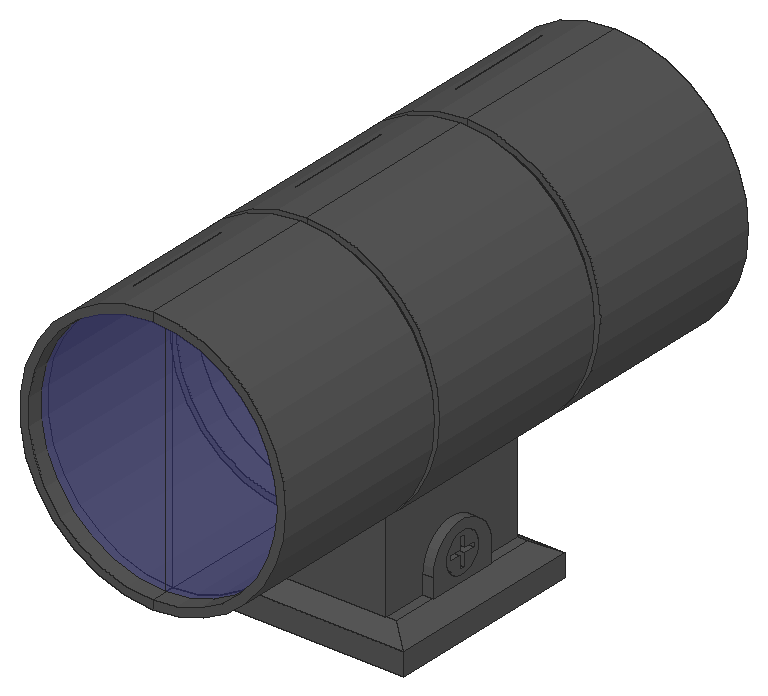
Revit family "CARLO CYLINDER LIGHT WALL MOUNT", category Lighting Fixtures, host Face, Revit 2020 (continued)
Types (10): name | Wattage_Input | Wattage Comments | Wattage | Photometric Web File | built-in parameter 1150142 | Model | built-in parameter 1150105 | Lumens | Light Length 1 | LIGHT RADIUS | LIGHT PLACEMENT | LIGHT LENGTH | LIGHT DIA | built-in parameter 1150106 | FIXED END HEIGHT | Curve base Height | Base Curve | BEAMING ANGLE | Apparent Load
    0.61 256.58 223.55 190.58 161 139.56 121.04 101.33 81.92 61.243 \r\n 44.326 37.84 35.287 31.915 29.159 26.951 25.051 23.106 21.384 20.094 \r\n 19.056 18.17 17.401 16.673 16.006 15.394 14.836 14.335 13.879 13.465 \r\n 13.072 12.672 12.29 11.946 11.632 11.344 11.087 10.872 10.682 10.51 \r\n 10.343 10.159 9.9759 9.8113 9.6415 9.4397 9.233 9.053 8.8601 8.6149 \r\n 8.3482 8.0758 7.8036 7.5507 7.2933 7.0039 6.7132 6.4494 6.1921 5.9281 \r\n 5.665 5.4067 5.152 4.9012 4.6541 4.4085 4.1716 3.9578 3.7441 3.5016 \r\n 3.2623 3.0579 2.8606 2.6437 2.4361 2.2702 2.109 1.9133 1.7208 1.5621 \r\n 1.4194 1.2895 1.1595 1.0041 0.85608 0.75037 0.65471 0.54265 0.43858 0.36407 \r\n 0.30115 0.23622 0.17768 0.13256 0.091439 0.040329 0 0 0 0 \r\n 0 0 0 0 0.010122 0.048573 0.097527 0.14163 0.19168 0.25417 \r\n 0.32664 0.40794 0.50063 0.61036 0.72668 0.8362 0.95332 1.0937 1.2406 1.3755 \r\n 1.5196 1.6965 1.8804 2.0436 2.2159 2.4309 2.6494 2.8306 3.0124 3.2234 \r\n 3.4501 3.6946 3.9384 4.1535 4.3703 4.62 4.8725 5.0982 5.3266 5.5844 \r\n 5.8513 6.1174 6.3793 6.6245 6.8709 7.1377 7.4087 7.6688 7.9344 8.2258 \r\n 8.5161 8.7771 9.0318 9.2993 9.5631 9.8136 10.049 10.254 10.455 10.676 \r\n 10.894 11.081 11.271 11.5 11.737 11.949 12.175 12.455 12.758 13.058 \r\n 13.387 13.773 14.206 14.689 15.211 15.755 16.345 17.005 17.72 18.422 \r\n 19.298 20.555 22.069 23.804 25.716 27.661 29.899 32.572 35.886 39.054 \r\n 45.185 57.496 74.875 97.825 124.71 154.25 185.88 218.8 252.42 285.79 \r\n 319.13 352.66 385.45 416.99 446.17 472.01 493.55 508.19 519.87 531.92 \r\n 543.63 555.36 567.26 579.68 592.34 605.02 617.82 630.65 643.74 657.41 \r\n 671.38 685.27 699.7 715.2 731.69 748.91 767.98 790.14 814.83 842.81 \r\n 871.37 897.85 922.87 945.98 967.73 988.57 1008.4 1027.2 1045.1 1061.8 \r\n 1077.9 1094 1109.5 1123.6 1137.2 1150.7 1164 1177 1189.4 1201.2 \r\n 1212.2 1222 1231.4 1240.9 1250.2 1259 1267.9 1277.4 1286.9 1296.1 \r\n 1304.8 1313 1320.8 1328.1 1335.1 1341.7 1347.5 1352.1 1355.8 1358.9 \r\n 1361.4 1363.2 1364.8 1366.7 1369 1372.7 1376.7 1379.9 1382.7 1385.2 \r\n 1412.7 \r\n1391.1 1405.2 1403.2 1400.1 1396.3 1392.1 1387.9 1384.1 1380.7 1378 \r\n 1375.9 1374.6 1372.8 1369.2 1364.6 1359.4 1353.5 1347.1 1340.1 1332.4 \r\n 1324 1315.1 1305.6 1295.7 1285.5 1275.2 1264.9 1254.9 1244.9 1234.4 \r\n 1223.3 1211.1 1198.5 1186.4 1174 1160.8 1146.8 1131.8 1116.3 1100.6 \r\n 1084.3 1066.8 1048.3 1028.8 1008.5 987.5 965.48 941.8 917.08 891.62 \r\n 865.7 839.02 813.63 792.02 772.62 754.8 738.31 722.74 707.9 693.48 \r\n 679.48 665.81 652.44 639.29 626.41 613.91 601.59 589.34 576.97 564.22 \r\n 551.11 538.19 523.59 505.61 484.18 458.15 429.01 397.75 364.7 330.1 \r\n 295.19 261.43 228.45 195.4 165.22 141.88 121.33 100.29 80.326 60.644 \r\n 44.954 38.609 35.885 32.383 29.487 27.206 25.259 23.284 21.539 20.219 \r\n 19.154 18.258 17.483 16.743 16.063 15.445 14.881 14.369 13.9 13.476 \r\n 13.075 12.67 12.285 11.933 11.612 11.322 11.063 10.839 10.639 10.46 \r\n 10.288 10.102 9.9194 9.7561 9.59 9.3973 9.1988 9.0162 8.823 8.5944 \r\n 8.3459 8.0801 7.8109 7.5618 7.3073 7.0196 6.7298 6.4673 6.2105 5.9437 \r\n 5.6778 5.4189 5.1651 4.9176 4.6733 4.4261 4.1864 3.9701 3.754 3.5097 \r\n 3.2692 3.0631 2.8669 2.6605 2.4607 2.2829 2.1099 1.9233 1.7413 1.5781 \r\n 1.4286 1.2984 1.1696 1.0157 0.86876 0.762 0.66509 0.55331 0.44851 0.36872 \r\n 0.30071 0.23594 0.17836 0.13105 0.088032 0.03837 0 0 0 0 \r\n 0 0 0 0.0067236 0.024325 0.063175 0.11134 0.15781 0.21019 0.27241 \r\n 0.34451 0.42791 0.52236 0.62985 0.74509 0.86167 0.98494 1.1208 1.2622 1.3989 \r\n 1.5473 1.7297 1.9182 2.0811 2.2519 2.4673 2.686 2.8655 3.0467 3.264 \r\n 3.4953 3.7318 3.9681 4.1896 4.4143 4.6631 4.9121 5.1337 5.3598 5.622 \r\n 5.8931 6.1539 6.4113 6.6637 6.9177 7.1818 7.4496 7.7144 7.9855 8.2782 \r\n 8.568 8.8268 9.0809 9.3556 9.6254 9.8705 10.099 10.308 10.513 10.733 \r\n 10.95 11.139 11.332 11.564 11.805 12.026 12.264 12.553 12.866 13.181 \r\n 13.527 13.931 14.382 14.879 15.416 15.979 16.59 17.268 18.005 18.733 \r\n 19.655 21.019 22.622 24.306 26.17 28.21 30.581 33.34 36.774 39.962 \r\n 46.58 60.972 80.218 102.78 128.86 158.71 190.74 223.54 256.91 290.21 \r\n 323.44 356.67 389.02 420.02 448.49 473.32 493.88 507.85 519.19 531.38 \r\n 543.42 555.37 567.47 580.12 592.96 605.72 618.62 631.79 645.21 658.91 \r\n 672.9 687.09 701.82 717.35 733.9 751.39 770.91 793.89 819.23 847 \r\n 875.08 901.17 925.91 949.09 970.94 991.59 1011.1 1029.7 1047.3 1064 \r\n 1080.1 1096.1 1111.4 1125.5 1139 1152.4 1165.5 1178.5 1191.1 1202.8 \r\n 1213.7 1223.4 1232.5 1241.8 1251 1260.3 1269.6 1279.3 1288.9 1297.9 \r\n 1306.4 1314.5 1322.1 1329.4 1336.2 1342.6 1348.3 1352.8 1356.4 1359.3 \r\n 1361.5 1363.3 1365 1366.9 1369.2 1372.8 1376.6 1379.8 1382.5 1384.9 \r\n 1412.7 \r\n1391.1 1404.4 1402.6 1399.7 1396.1 1392 1387.8 1383.8 1380.3 1377.5 \r\n 1375.3 1373.9 1372.2 1369 1364.8 1359.6 1353.8 1347.2 1340.2 1332.7 \r\n 1324.7 1315.9 1306.5 1296.6 1286.4 1276.1 1265.9 1256 1245.9 1235.6 \r\n 1224.7 1212.5 1200 1188 1175.7 1162.6 1148.7 1133.8 1118.4 1102.7 \r\n 1086.4 1069.1 1050.8 1031.7 1011.7 991.01 969.21 945.85 921.35 895.81 \r\n 869.77 843.2 817.86 795.87 776.01 757.88 741.13 725.4 710.4 695.64 \r\n 681.35 667.74 654.48 641.21 628.2 615.73 603.4 590.86 578.19 565.36 \r\n 552.36 539.77 525.74 508.78 488.34 462.82 433.93 402.62 369.56 335.54 \r\n 301.26 267.77 234.8 201.64 170.67 144.88 121.71 99.108 78.526 60.011 \r\n 45.75 39.542 36.592 32.935 29.878 27.509 25.507 23.498 21.728 20.37 \r\n 19.274 18.366 17.583 16.826 16.13 15.505 14.935 14.409 13.927 13.49 \r\n 13.079 12.672 12.284 11.925 11.596 11.306 11.046 10.811 10.6 10.413 \r\n 10.235 10.046 9.8631 9.7008 9.5384 9.356 9.1665 8.9799 8.7849 8.5736 \r\n 8.3445 8.0857 7.8199 7.575 7.3241 7.039 6.7512 6.4905 6.2342 5.9647 \r\n 5.6958 5.4362 5.1834 4.9404 4.6999 4.4509 4.2075 3.9882 3.7696 3.524 \r\n 3.2827 3.0745 2.879 2.684 2.4924 2.3011 2.1148 1.9384 1.7684 1.5996 \r\n 1.4418 1.3104 1.1827 1.0308 0.8855 0.77728 0.67855 0.56676 0.46094 0.37537 \r\n 0.30175 0.23674 0.17977 0.12998 0.084841 0.036488 0 0 0 0 \r\n 0 0 0.000000 0.014693 0.040231 0.079612 0.127 0.17612 0.23126 0.29382 \r\n 0.36605 0.45146 0.54757 0.65329 0.76796 0.89174 1.0211 1.1524 1.2885 1.4278 \r\n 1.5811 1.7687 1.9613 2.125 2.295 2.5093 2.727 2.9058 3.088 3.3113 \r\n 3.5466 3.7746 4.003 4.2314 4.4644 4.7121 4.9574 5.1756 5.3998 5.666 \r\n 5.9406 6.1967 6.4504 6.7107 6.9729 7.2345 7.499 7.7688 8.0455 8.3385 \r\n 8.6269 8.8838 9.1373 9.4173 9.6908 9.9281 10.148 10.359 10.567 10.786 \r\n 11.001 11.193 11.391 11.623 11.868 12.102 12.355 12.654 12.98 13.313 \r\n 13.681 14.107 14.578 15.092 15.647 16.231 16.866 17.568 18.337 19.105 \r\n 20.087 21.569 23.266 24.91 26.743 28.901 31.438 34.32 37.952 41.34 \r\n 48.644 65.276 86.499 108.66 133.93 164.12 196.61 229.29 262.42 295.65 \r\n 328.74 361.59 393.43 423.82 451.53 475.21 494.7 508.12 519.24 531.62 \r\n 544.02 556.25 568.63 581.53 594.58 607.41 620.41 633.95 647.72 661.45 \r\n 675.46 689.97 705.04 720.65 737.3 755.18 775.25 799.07 825.03 852.5 \r\n 880 905.62 930.02 953.28 975.25 995.74 1015 1033.3 1050.8 1067.5 \r\n 1083.6 1099.4 1114.5 1128.6 1142.1 1155.3 1168.3 1181.3 1193.9 1205.6 \r\n 1216.4 1225.9 1234.8 1243.9 1253.1 1262.8 1272.6 1282.6 1292.2 1301.1 \r\n 1309.4 1317.3 1324.8 1331.9 1338.5 1344.7 1350.2 1354.5 1358 1360.5 \r\n 1362.5 1364.3 1366.1 1368 1370.5 1373.9 1377.6 1380.7 1383.3 1385.6 \r\n 1412.7 \r\n1391.1 1403.7 1402 1399.4 1396.1 1392.1 1387.8 1383.7 1380 1377.1 \r\n 1374.8 1373.3 1371.6 1368.8 1365 1360.1 1354.2 1347.5 1340.4 1333.3 \r\n 1325.7 1316.9 1307.5 1297.6 1287.5 1277.3 1267.1 1257.2 1247.1 1237 \r\n 1226.3 1214.3 1201.8 1189.9 1177.7 1164.6 1150.8 1136.1 1120.8 1105.2 \r\n 1089 1071.7 1053.7 1035 1015.4 994.99 973.42 950.41 926.18 900.61 \r\n 874.48 848.02 822.68 800.25 779.85 761.37 744.36 728.45 713.28 698.16 \r\n 683.59 670.03 656.86 643.48 630.33 617.89 605.53 592.69 579.72 566.82 \r\n 553.93 541.66 528.22 512.39 493.1 468.21 439.67 408.34 375.32 341.92 \r\n 308.28 275.04 242.04 208.74 176.91 148.44 122.43 98.229 77.05 59.629 \r\n 46.712 40.586 37.369 33.542 30.316 27.849 25.783 23.738 21.943 20.546 \r\n 19.414 18.49 17.696 16.919 16.205 15.572 14.996 14.456 13.958 13.507 \r\n 13.087 12.677 12.289 11.922 11.586 11.296 11.034 10.789 10.565 10.37 \r\n 10.186 9.9942 9.81 9.6484 9.4897 9.3179 9.1375 8.9464 8.7488 8.5542 \r\n 8.3439 8.0919 7.8296 7.5894 7.3426 7.0608 6.7755 6.5166 6.2607 5.9892 \r\n 5.7179 5.4575 5.2057 4.9678 4.7315 4.4804 4.2331 4.0106 3.7894 3.5431 \r\n 3.3016 3.0913 2.896 2.7118 2.5278 2.3229 2.1235 1.9574 1.7992 1.6244 \r\n 1.4577 1.3248 1.198 1.0486 0.90524 0.79513 0.69403 0.58205 0.47519 0.38404 \r\n 0.30495 0.23932 0.18252 0.13024 0.082907 0.035227 0 0 0 0 \r\n 0 0 0 0.022973 0.056834 0.097049 0.14394 0.19593 0.25414 0.31787 \r\n 0.39096 0.47834 0.57608 0.68088 0.79572 0.92619 1.0612 1.1884 1.32 1.4624 \r\n 1.6209 1.8126 2.0087 2.1742 2.3448 2.5566 2.7719 2.9515 3.136 3.3646 \r\n 3.6028 3.8229 4.0441 4.2792 4.5202 4.7667 5.0086 5.2247 5.4481 5.7172 \r\n 5.9943 6.2468 6.4982 6.7663 7.0366 7.296 7.5576 7.8324 8.1142 8.4063 \r\n 8.6922 8.9476 9.2002 9.4827 9.7566 9.9848 10.196 10.407 10.617 10.834 \r\n 11.048 11.244 11.446 11.68 11.929 12.177 12.446 12.758 13.099 13.454 \r\n 13.846 14.294 14.788 15.321 15.895 16.502 17.164 17.895 18.702 19.528 \r\n 20.587 22.188 23.985 25.61 27.439 29.737 32.473 35.514 39.434 43.277 \r\n 51.504 70.374 93.544 115.44 140.03 170.59 203.54 236.16 269.08 302.2 \r\n 335.1 367.54 398.8 428.5 455.34 477.77 496.13 509.11 520.15 532.74 \r\n 545.48 558.04 570.73 583.88 597.13 610.04 623.15 637.05 651.17 664.94 \r\n 678.99 693.83 709.26 725.01 741.87 760.28 781.01 805.63 832.12 859.24 \r\n 886.11 911.22 935.25 958.53 980.6 1000.9 1020 1038.1 1055.3 1072 \r\n 1088.1 1103.7 1118.7 1132.7 1146.2 1159.3 1172.1 1185.1 1197.7 1209.4 \r\n 1220.1 1229.4 1238.1 1247 1256.2 1266.3 1276.7 1286.9 1296.6 1305.2 \r\n 1313.3 1321 1328.3 1335.2 1341.7 1347.6 1352.7 1356.9 1360.2 1362.4 \r\n 1364.1 1365.9 1367.8 1369.9 1372.4 1375.8 1379.3 1382.3 1384.8 1386.9 \r\n 1412.7 \r\n1391.1 1402.9 1401.5 1399.2 1396.1 1392.1 1387.8 1383.6 1379.7 1376.8 \r\n 1374.4 1372.8 1371.2 1368.7 1365.4 1360.5 1354.7 1348 1340.9 1334 \r\n 1326.7 1318.1 1308.7 1298.8 1288.6 1278.5 1268.4 1258.4 1248.4 1238.5 \r\n 1228 1216.1 1203.9 1192 1179.8 1166.8 1153 1138.5 1123.4 1107.9 \r\n 1091.7 1074.6 1056.8 1038.5 1019.3 999.15 977.81 955.15 931.21 905.69 \r\n 879.53 853.18 827.8 804.88 783.92 765.08 747.81 731.72 716.36 700.93 \r\n 686.1 672.56 659.46 645.97 632.71 620.24 607.83 594.71 581.48 568.52 \r\n 555.74 543.72 530.82 516.14 498.04 473.86 445.76 414.51 381.57 348.78 \r\n 315.74 282.68 249.59 216.16 183.52 152.43 123.69 98.105 76.427 59.781 \r\n 47.837 41.684 38.18 34.174 30.786 28.212 26.075 23.996 22.179 20.743 \r\n 19.573 18.628 17.817 17.018 16.286 15.644 15.061 14.506 13.993 13.53 \r\n 13.1 12.689 12.299 11.926 11.584 11.292 11.028 10.772 10.536 10.333 \r\n 10.143 9.9487 9.7634 9.6021 9.4467 9.2849 9.1133 8.9181 8.7179 8.5377 \r\n 8.3438 8.098 7.8392 7.6038 7.3614 7.0834 6.801 6.5433 6.2877 6.0153 \r\n 5.743 5.4819 5.2307 4.9975 4.7654 4.5123 4.2611 4.0354 3.8118 3.5659 \r\n 3.3251 3.1127 2.9169 2.7414 2.5635 2.3468 2.1361 1.979 1.8309 1.6506 \r\n 1.4754 1.3407 1.2146 1.068 0.92691 0.81445 0.71047 0.59821 0.49056 0.39474 \r\n 0.31094 0.24437 0.18725 0.13273 0.083269 0.035135 0 0 0 0 \r\n 0 0 0.00080987 0.031488 0.073124 0.11461 0.16161 0.21659 0.27811 0.34402 \r\n 0.41895 0.5083 0.60769 0.71282 0.82879 0.96478 1.1043 1.2287 1.3573 1.5034 \r\n 1.6668 1.8609 2.0589 2.2279 2.4005 2.6088 2.8206 3.0023 3.1905 3.4229 \r\n 3.6628 3.8765 4.0923 4.3333 4.5812 4.8263 5.0655 5.2818 5.5062 5.7766 \r\n 6.0547 6.3051 6.5561 6.8314 7.1087 7.3667 7.6262 7.9053 8.1913 8.4812 \r\n 8.7636 9.0176 9.269 9.55 9.8204 10.039 10.241 10.451 10.662 10.876 \r\n 11.089 11.29 11.499 11.735 11.989 12.252 12.539 12.865 13.221 13.6 \r\n 14.017 14.489 15.005 15.558 16.153 16.784 17.475 18.237 19.091 19.994 \r\n 21.146 22.863 24.762 26.399 28.264 30.722 33.687 36.922 41.236 45.864 \r\n 55.286 76.23 101.18 123.07 147.28 178.25 211.64 244.25 277.02 310 \r\n 342.63 374.63 405.27 434.17 460.02 481.09 498.29 510.96 522.06 534.82 \r\n 547.85 560.73 573.74 587.13 600.57 613.58 626.81 641.02 655.45 669.31 \r\n 683.45 698.59 714.37 730.36 747.56 766.68 788.19 813.52 840.39 867.14 \r\n 893.39 917.98 941.6 964.85 986.94 1007.1 1025.9 1043.7 1060.8 1077.5 \r\n 1093.6 1108.9 1123.7 1137.7 1151.2 1164.1 1176.7 1189.8 1202.4 1213.9 \r\n 1224.4 1233.6 1242.2 1251 1260.2 1270.7 1281.4 1291.8 1301.6 1310 \r\n 1317.8 1325.4 1332.5 1339.2 1345.3 1350.9 1355.7 1359.6 1362.6 1364.5 \r\n 1366.1 1367.9 1369.9 1372.2 1374.9 1378.1 1381.4 1384.3 1386.7 1388.6 \r\n 1412.7 \r\n1391.1 1402.1 1400.7 1398.6 1395.8 1391.8 1387.5 1383.2 1379.3 1376.4 \r\n 1374.2 1372.6 1371 1368.6 1365.2 1360.5 1354.9 1348.4 1341.4 1334.5 \r\n 1327 1318.6 1309.4 1299.6 1289.3 1279 1268.6 1258.7 1248.8 1238.9 \r\n 1228.6 1217 1205 1193.1 1180.8 1167.7 1154 1139.8 1124.9 1109.5 \r\n 1093.4 1076.5 1058.8 1040.7 1021.8 1001.7 980.58 958.11 934.41 909.2 \r\n 883.27 856.92 831.36 808.02 786.63 767.68 750.38 734.2 718.77 703.34 \r\n 688.47 674.74 661.45 647.96 634.68 622.01 609.39 596.23 583.02 570.09 \r\n 557.33 545.15 532.29 518.34 501.1 477.42 449.7 418.79 386.13 353.6 \r\n 320.68 287.41 254.04 220.6 187.79 155.71 126.11 100.99 79.698 61.896 \r\n 48.652 42.213 38.707 34.595 31.121 28.468 26.276 24.192 22.382 20.925 \r\n 19.728 18.751 17.911 17.094 16.349 15.697 15.104 14.54 14.019 13.55 \r\n 13.117 12.706 12.318 11.941 11.592 11.293 11.021 10.757 10.514 10.309 \r\n 10.12 9.9252 9.7402 9.5797 9.4262 9.2697 9.1028 8.9075 8.7068 8.5304 \r\n 8.3405 8.0945 7.836 7.6064 7.3702 7.0949 6.8129 6.552 6.2943 6.0285 \r\n 5.7633 5.5016 5.2484 5.0166 4.7855 4.5306 4.2771 4.0495 3.8257 3.5842 \r\n 3.3476 3.134 2.9354 2.7571 2.577 2.3595 2.149 1.9933 1.8458 1.6617 \r\n 1.4834 1.3499 1.226 1.0826 0.94327 0.82674 0.71846 0.60716 0.50177 0.40745 \r\n 0.32434 0.25627 0.19734 0.14256 0.093098 0.044915 0.0086891 0 0.000098 0 \r\n 0 0 0.0032814 0.037328 0.082788 0.12734 0.17738 0.23551 0.30078 0.3722 \r\n 0.45242 0.54434 0.64614 0.75637 0.8768 1.0129 1.1522 1.279 1.411 1.5615 \r\n 1.7275 1.9167 2.1111 2.2883 2.4688 2.6721 2.8785 3.066 3.2605 3.4904 \r\n 3.7269 3.9427 4.1616 4.4045 4.6533 4.8963 5.1354 5.3624 5.5962 5.8609 \r\n 6.1322 6.3879 6.6461 6.9241 7.2027 7.4615 7.7215 8.0025 8.2883 8.5714 \r\n 8.8461 9.0983 9.3456 9.611 9.8648 10.075 10.272 10.475 10.682 10.895 \r\n 11.111 11.322 11.542 11.783 12.043 12.322 12.629 12.972 13.347 13.746 \r\n 14.183 14.671 15.204 15.777 16.394 17.046 17.762 18.552 19.461 20.487 \r\n 21.777 23.592 25.593 27.366 29.401 32.117 35.303 38.328 42.863 49.317 \r\n 60.85 83.052 109.05 132.17 157.42 188.92 222.59 255.48 288.32 320.98 \r\n 353.11 384.69 414.71 442.48 466.98 486.43 502.36 515.03 526.48 539.16 \r\n 552.13 565.22 578.49 592.01 605.58 618.82 632.28 646.56 661.08 675.27 \r\n 689.75 704.95 720.88 737.4 755.43 775.92 798.64 824.21 850.94 877.52 \r\n 903.49 927.71 950.93 973.79 995.51 1015.3 1033.8 1051.4 1068.3 1084.9 \r\n 1100.8 1115.8 1130.2 1144.1 1157.5 1170.3 1182.8 1195.6 1207.9 1219 \r\n 1229.2 1238.4 1247.1 1256 1265.3 1275.6 1286.3 1296.6 1306.2 1314.3 \r\n 1321.8 1329.2 1336.2 1342.4 1348.1 1353.3 1357.8 1361.1 1363.7 1365.6 \r\n 1367.2 1369.2 1371.3 1373.7 1376.3 1379.5 1382.7 1385.3 1387.5 1389.1 \r\n 1412.7 \r\n1391.1 1401.3 1400 1398.1 1395.4 1391.5 1387.1 1382.9 1379 1376.2 \r\n 1374 1372.5 1370.8 1368.4 1365.1 1360.6 1355.1 1348.9 1342.1 1335 \r\n 1327.4 1319.1 1310.2 1300.4 1290.1 1279.5 1268.9 1259 1249.2 1239.4 \r\n 1229.1 1217.9 1206.1 1194.2 1181.7 1168.6 1155.1 1141.1 1126.5 1111.2 \r\n 1095.2 1078.4 1061 1043 1024.2 1004.4 983.36 961.08 937.61 912.79 \r\n 887.18 860.83 835.09 811.33 789.53 770.45 753.09 736.81 721.3 705.9 \r\n 691.04 677.09 663.58 650.09 636.81 623.9 611.05 597.89 584.75 571.86 \r\n 559.09 546.68 533.76 520.45 504.01 480.93 453.72 423.28 390.97 358.65 \r\n 325.76 292.21 258.53 225.12 192.25 159.51 129.4 104.96 84.097 64.758 \r\n 49.77 42.865 39.278 35.046 31.501 28.758 26.5 24.41 22.607 21.13 \r\n 19.904 18.89 18.015 17.179 16.42 15.756 15.154 14.582 14.054 13.579 \r\n 13.142 12.733 12.345 11.964 11.61 11.302 11.021 10.749 10.501 10.294 \r\n 10.105 9.9102 9.7254 9.5652 9.413 9.2604 9.0976 8.9036 8.7034 8.5279 \r\n 8.3387 8.0923 7.8346 7.6104 7.38 7.1076 6.8265 6.5619 6.3019 6.0438 \r\n 5.7865 5.5243 5.2688 
